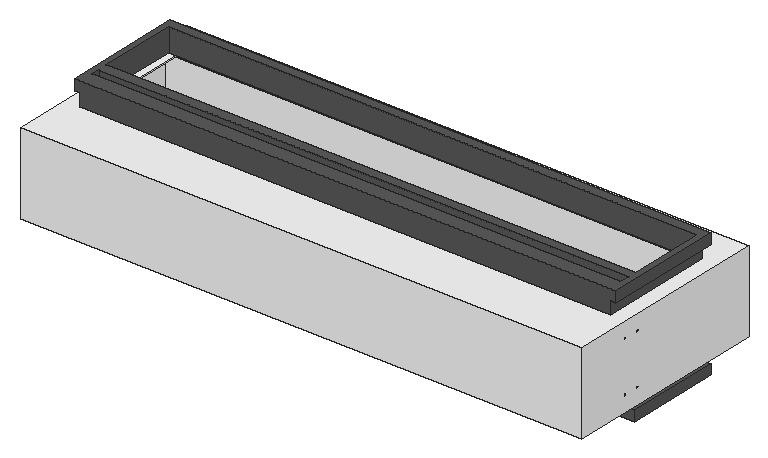
Revit family "C Series - C1120STIO - Front Intake", category Generic Models, host Face, Revit 2019
Family settings
  Host = Face
  Can host rebar = No
  Round Connector Dimension = Use Diameter
  Part Type = Normal
  Cut with Voids When Loaded = Yes
  Shared = Yes
  Room Calculation Point = No
Parameters (values of type "As Specified")
  URL = "https://www.montigo.com/"
  Top Offset Right = 0"
  Top Offset Left = 0"
  Manufacturer Website = "https://www.montigo.com/"
  Manufacturer Phone - Toll Free = "800-378-3115"
  Manufacturer Phone = ""
  Manufacturer Fax = ""
  Manufacturer Address = "27342 Gloucester Way  Langley, BC, Canada   V4W 4A1"
  Manufacturer = "Montigo"
  Length = 144 3/16"
  Intake Duct Offset = 6"
  Height = 53 113/256"
  HVAC_Exit Diameter = 8"
  HVAC_Entry Diameter = 7"
  HVAC_BTU Output = 0.0 Btu/h
  HVAC_BTU Input = 0.0 Btu/h
  Glazing Tint = Glass - Montigo - Tint as Specified
  Frame Material = Metal - Montigo - Black
  Firebox Material = Metal - Montigo - White
  Fire Place Opening Length = 43"
  Fire Place Opening = 30 1/2"
  Description = "Montigo Fireplace as Specified"
  Depth = 20 225/256"
  Default Elevation = 48"
  COOLPack Consumption = 1200 CFM
  Base Offset Right = 9"
  Base Offset Left = 9"
  Base Offset = 1"
  Base Height = 14 49/256"
  Assembly Code = "D3020"
Reference planes (in)
  plane 1 "Center (Front/Back)": y = 0
  plane 2: z = 0
  plane 3 "Center (Left/Right)": x = 0
  plane 4: x = -72.09375
  plane 5: x = 72.09375
  plane 6: y = 26.7207
  plane 7: y = -26.7207
  plane 8: y = -12.5293
  plane 9: z = 0
  plane 10: z = -20.87891
  plane 11: z = -10.43945
  plane 12: x = -69.5
  plane 13: x = 69.5
  plane 14: y = 17.9707
Forms (in)
  Extrusion 1, solid, material "Metal - Montigo - White" <- "Firebox Material"
    sketch origin (-60.41868, -180, 0) x (-1, 0, 0) y (0, -1, 0)
      loop
        line (11.67507, -206.7207) -> (11.67507, -153.2793) -> (-132.51243, -153.2793) -> (-132.51243, -206.7207) -> (11.67507, -206.7207)
    from 0 to -20.87891
  Extrusion 2, solid, material "Metal - Montigo - Black" <- "Frame Material"
    sketch origin (-60.41868, -180, 0) x (-1, 0, 0) y (0, -1, 0)
      loop
        line (9.08132, -197.9707) -> (9.08132, -167.4707) -> (-129.91868, -167.4707) -> (-129.91868, -197.9707) -> (9.08132, -197.9707)
    from 0 to 6
  Sweep 3, void
    path in 3D
      loop
        line (69.5, -12.5293, 6) -> (69.5, 17.9707, 6) -> (-69.5, 17.9707, 6) -> (-69.5, -12.5293, 6)
    profile origin (69.5, 2.7207, 6) x (-1, 0, 0) y (0, 0, 1)
      loop
        line (0, -6) -> (1.375, -6) -> (1.375, -2.75) -> (0, -2.75) -> (0, -6)
  Extrusion 4, void
    sketch origin (-60.41868, -180, 0) x (0, -1, 0) y (-1, 0, 0)
      loop
        line (-196.4082, 9.08132) -> (-196.4082, -129.91868) -> (-174.9082, -129.91868) -> (-174.9082, 9.08132) -> (-196.4082, 9.08132)
    from 0.125 to 20.75
  Extrusion 5, void
    sketch origin (-60.41868, -181.80859, 0) x (0, -1, 0) y (-1, 0, 0)
      loop
        line (-197.52539, 7.58132) -> (-197.52539, -128.41868) -> (-177.52539, -128.41868) -> (-177.52539, 7.58132) -> (-197.52539, 7.58132)
    from -6 to 0
  Extrusion 6, void
    sketch origin (-60.41868, -180, 0) x (0, -1, 0) y (-1, 0, 0)
      loop
        line (-195.71679, 5.58132) -> (-195.71679, -126.41868) -> (-175.7168, -126.41868) -> (-175.7168, 5.58132) -> (-195.71679, 5.58132)
    from -1 to 1
  Extrusion 7, void
    sketch origin (-60.41868, -180, 0) x (0, -1, 0) y (-1, 0, 0)
      loop
        line (-173.4082, 7.58132) -> (-173.4082, -128.41868) -> (-171.0332, -128.41868) -> (-171.0332, 7.58132) -> (-173.4082, 7.58132)
    from -6 to -3.25
  Extrusion 8, void
    sketch origin (0, -1.69589, -0.88973) x (0, 1, 0) y (0, 0, 1)
      loop
        circle (-11.27091, -16.05168) r 0.4375
      loop
        circle (-7.27091, -16.05168) r 0.4375
      loop
        circle (-11.27091, -3.05168) r 0.4375
      loop
        circle (-7.27091, -3.05168) r 0.4375
    from 72.09375 to 71.46962
  Extrusion 9, solid, material "Metal - Montigo - Black" <- "Frame Material"
    sketch origin (-60.41868, -180, -20.87891) x (0, 1, 0) y (1, 0, 0)
      loop
        line (197.9707, -9.08132) -> (197.9707, 129.91868) -> (173.4707, 129.91868) -> (173.4707, -9.08132) -> (197.9707, -9.08132)
    from 0 to 6
  Sweep 10, void
    path in 3D
      loop
        line (69.5, -12.5293, -26.87891) -> (69.5, 17.9707, -26.87891) -> (-69.5, 17.9707, -26.87891) -> (-69.5, -12.5293, -26.87891)
    profile origin (69.5, 2.7207, -26.87891) x (1, 0, 0) y (0, 0, -1)
      loop
        line (0, -6) -> (0, -2.75) -> (-1.375, -2.75) -> (-1.375, -6) -> (0, -6)
  Extrusion 11, void
    sketch origin (-60.41868, -181.80859, -20.87891) x (1, 0, 0) y (0, 1, 0)
      loop
        line (-7.58132, 197.52539) -> (-7.58132, 177.52539) -> (128.41868, 177.52539) -> (128.41868, 197.52539) -> (-7.58132, 197.52539)
    from -6 to 0
  Extrusion 12, void
    sketch origin (-60.41868, -180, -20.87891) x (1, 0, 0) y (0, 1, 0)
      loop
        line (-5.58132, 195.71679) -> (-5.58132, 175.7168) -> (126.41868, 175.7168) -> (126.41868, 195.71679) -> (-5.58132, 195.71679)
    from -1 to 1
Cuts and joins
  Sweep 3, Extrusion 4, Extrusion 5, Extrusion 7, Sweep 10, Extrusion 11, Extrusion 12 cuts Extrusion 2
  Extrusion 4, Extrusion 5, Extrusion 6, Extrusion 7, Extrusion 8, Sweep 10, Extrusion 11, Extrusion 12 cuts Extrusion 1
  Sweep 10, Extrusion 11, Extrusion 12 cuts Extrusion 9
Lines and regions (in)
  symbolic lines
    curve 1: line (68.125, 54.21644, 0) -> (68.125, 50.96644, 0)
    curve 2: line (68.125, 50.96644, 0) -> (69.5, 50.96644, 0)
    curve 6: line (68, 16.4082, 0) -> (68, -3.2832, 0)
    curve 7: line (-68, -3.2832, 0) -> (-68, 16.4082, 0)
    curve 11: line (0, -6.5293, -26.87891) -> (0, -6.5293, -20.87891)
  sketch lines
    curve 3: line (69.5, -12.5293, 6) -> (69.5, 17.9707, 6)
    curve 4: line (69.5, 17.9707, 6) -> (-69.5, 17.9707, 6)
    curve 5: line (-69.5, 17.9707, 6) -> (-69.5, -12.5293, 6)
    curve 8: line (69.5, -12.5293, -26.87891) -> (69.5, 17.9707, -26.87891)
    curve 9: line (69.5, 17.9707, -26.87891) -> (-69.5, 17.9707, -26.87891)
    curve 10: line (-69.5, 17.9707, -26.87891) -> (-69.5, -12.5293, -26.87891)
Dimensions and locks (in)
  equal spacing: plane 4, plane 3 "Center (Left/Right)", plane 5
  "Length": plane 4 to plane 5
  equal spacing: plane 7, plane 1 "Center (Front/Back)", plane 6
  "Height": plane 7 to plane 6
  "Base Height": plane 7 to plane 8
  "Depth": plane 9 to plane 10
  equal spacing: plane 9, plane 11, plane 10
  locked: plane 4 to plane 12 at 2.59375
  locked: plane 13 to plane 5 at 2.59375
  "Fire Place Opening": plane 8 to plane 14
  locked: Extrusion 4 sketch curve to plane 8 at 7.4375
  locked: Extrusion 4 sketch curve to plane 14 at 1.5625
  locked: plane 8 to cut or joined group 1 (Extrusion 1, Extrusion 4, Extrusion 5, Extrusion 6, Extrusion 7, Extrusion 8, Sweep 10, Extrusion 11, Extrusion 12) at 7.4375
  locked: cut or joined group 1 to plane 14 at 1.5625
  locked: plane 12 to Extrusion 5 sketch curve at 1.5
  locked: Extrusion 5 sketch curve to plane 13 at 1.5
  locked: plane 12 to Extrusion 6 sketch curve at 3.5
  locked: Extrusion 6 sketch curve to plane 13 at 3.5
  Extrusion 6 sketch curve to plane 14 = 2 65/256"
  locked: Extrusion 6 sketch curve to plane 8 at 8.24609
  locked: plane 12 to Extrusion 7 sketch curve at 1.5
  locked: Extrusion 7 sketch curve to plane 13 at 1.5
  locked: plane 8 to Extrusion 7 sketch curve at 5.9375
  locked: plane 8 to Extrusion 7 sketch curve at 3.5625
  locked: cut or joined group 1 to plane 5 at 0.62413
  cut or joined group of Extrusion 2, Sweep 3, Extrusion 4, Extrusion 5, Extrusion 7, Sweep 10, Extrusion 11, Extrusion 12 to cut or joined group of Extrusion 2, Sweep 3, Extrusion 4, Extrusion 5, Extrusion 7, Sweep 10, Extrusion 11, Extrusion 12 = 20"
  aligned and locked: plane 2 to host face
  aligned and locked: level to host face
  aligned and locked: plane 6 to Extrusion 1 sketch curve
  aligned and locked: Extrusion 1 to plane 10
  aligned and locked: plane 5 to Extrusion 1
  aligned and locked: Extrusion 1 sketch curve to plane 7
  aligned and locked: plane 9 to level
  aligned and locked: plane 14 to Extrusion 2 sketch curve
  aligned and locked: plane 12 to Extrusion 2 sketch curve
  aligned and locked: Extrusion 2 sketch curve to plane 8
  aligned and locked: plane 13 to Extrusion 2 sketch curve
  aligned and locked: Extrusion 2 to level
  aligned and locked: plane 12 to Extrusion 4 sketch curve
  aligned and locked: plane 13 to Extrusion 4 sketch curve
  aligned and locked: Extrusion 2 to Extrusion 5
  aligned and locked: Extrusion 5 to level
  aligned and locked: Extrusion 2 to Extrusion 7
  aligned and locked: Extrusion 7 to Sweep 3
  aligned and locked: Extrusion 8 to cut or joined group 1
Automatic sketch dimensions
  host sketch curve to host sketch curve = 96"  (x2)
  Extrusion 1 sketch curve to plane 5 = 0"
  Extrusion 1 sketch curve to plane 4 = 0"
  curve 2 to plane 13 = 0"
  plane 13 to curve 2 = 1 3/8"
  curve 2 to plane 6 = 24.24574"
  plane 13 to curve 6 = 1 1/2"
  plane 12 to curve 7 = 1 1/2"
  curve 1 to curve 1 = 3 1/4"
  plane 14 to curve 7 = 1 9/16"
  plane 14 to curve 6 = 1 9/16"
  plane 1 "Center (Front/Back)" to curve 7 = 3.2832"
  plane 1 "Center (Front/Back)" to curve 6 = 3.2832"
  Sweep 3 sketch curve to profile plane = 0"
  Sweep 3 sketch curve to Sweep 3 sketch curve = 1 3/8"
  Sweep 3 sketch curve to profile plane = 6"
  Sweep 3 sketch curve to profile plane = 2 3/4"
  plane 14 to Extrusion 5 sketch curve = 2 65/256"
  plane 1 "Center (Front/Back)" to Extrusion 5 sketch curve = 4.2832"
  plane 8 to Extrusion 8 sketch curve = 7/16"  (x2)
  Extrusion 8 sketch curve to plane 8 = 3 9/16"  (x2)
  plane 10 to Extrusion 8 sketch curve = 3 15/16"  (x2)
  Extrusion 8 sketch curve to level = 3 241/256"  (x2)
  Extrusion 9 sketch curve to plane 12 = 0"
  Extrusion 9 sketch curve to plane 13 = 0"
  plane 14 to Extrusion 9 sketch curve = 0"
  Extrusion 9 sketch curve to plane 8 = 6"
  profile plane to Sweep 10 sketch curve = 0"
  Sweep 10 sketch curve to Sweep 10 sketch curve = 1 3/8"
  Sweep 10 sketch curve to profile plane = 6"
  Sweep 10 sketch curve to profile plane = 2 3/4"
  plane 12 to Extrusion 11 sketch curve = 1 1/2"
  plane 13 to Extrusion 11 sketch curve = 1 1/2"
  plane 1 "Center (Front/Back)" to Extrusion 11 sketch curve = 4.2832"
  plane 14 to Extrusion 11 sketch curve = 2 65/256"
  plane 12 to Extrusion 12 sketch curve = 3 1/2"
  plane 13 to Extrusion 12 sketch curve = 3 1/2"
  plane 1 "Center (Front/Back)" to Extrusion 12 sketch curve = 4.2832"
  plane 14 to Extrusion 12 sketch curve = 2 65/256"
  radius of Extrusion 8 sketch curve = 7/16"  (x4)
